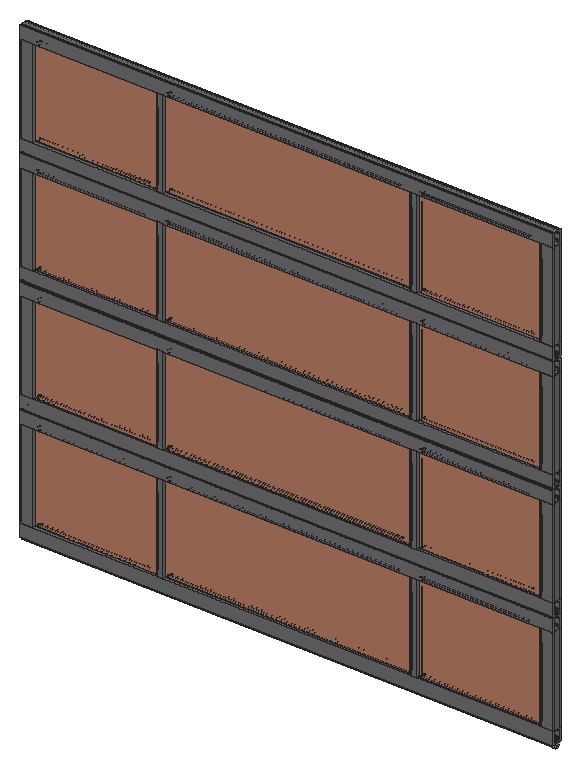
Revit family "GASY 12PUE T1C", category Doors, host Wall, Revit 2024 (continued)
Forms (mm)
  Sweep 19, solid, material "ALUMINIUM CHAR (TEST)"
    profile origin (899.996, -68.525, 493) x (0, 0, -1) y (0, -1, 0)
      loop
        line (-1.4, 56.192) -> (-0.833, 56.892) -> (0, 56.892) -> (0, 54.893)
        arc (0, 54.893) -> (0.333, 54.559) -> (0.788, 54.681) r 0.471
        line (0.788, 54.681) -> (14.998, 68.891)
  Sweep 20, solid, material "ALUMINIUM CHAR (TEST)"
    path origin (-866.885, -68.525, 132.939) x (-1, 0, 0) y (0, 0, -1)
      loop
        line (323.108, -360.061) -> (323.108, 53.031) -> (-256.885, 53.031) -> (-256.885, -360.061) -> (323.108, -360.061)
    profile origin (-899.996, -68.525, 493) x (0, 0, 1) y (0, -1, 0)
      loop
        line (-14.998, 68.891) -> (-0.788, 54.681)
        arc (-0.788, 54.681) -> (-0.333, 54.559) -> (0, 54.893) r 0.471
        line (0, 54.893) -> (0, 56.892) -> (0.833, 56.892) -> (1.4, 56.192)
        arc (1.4, 56.192) -> (2.167, 56.551) -> (2.384, 57.368) r 1
        arc (2.384, 57.368) -> (2.295, 57.799) -> (1.9, 57.992) r 0.5
        line (1.9, 57.992) -> (-0.6, 57.992)
        arc (-0.6, 57.992) -> (-0.953, 57.846) -> (-1.1, 57.492) r 0.5
        line (-1.1, 57.492) -> (-1.1, 56.548) -> (-9.421, 64.869) -> (-6.899, 67.391) -> (-6.899, 68.791) -> (1.6, 68.791)
        arc (1.6, 68.791) -> (2.165, 69.025) -> (2.4, 69.591) r 0.8
        line (2.4, 69.591) -> (2.4, 72.391)
        arc (2.4, 72.391) -> (1.9, 72.891) -> (1.4, 72.391) r 0.5
        line (1.4, 72.391) -> (1.4, 69.891) -> (-8.299, 69.891)
        arc (-8.299, 69.891) -> (-8.699, 69.491) -> (-8.299, 69.091) r 0.4
        line (-8.299, 69.091) -> (-7.999, 67.847) -> (-10.199, 65.647) -> (-12.521, 67.969) -> (-11.399, 69.091)
        arc (-11.399, 69.091) -> (-10.902, 69.429) -> (-11.286, 69.891) r 0.406
        line (-11.286, 69.891) -> (-12.154, 69.891) -> (-12.991, 69.054) -> (-13.799, 69.054) -> (-13.799, 69.891) -> (-14.998, 69.891) -> (-14.998, 68.891)
  Sweep 21, solid, material "ALUMINIUM CHAR (TEST)"
    path origin (63.499, -68.525, 132.939) x (1, 0, 0) y (0, 0, 1)
      loop
        line (516.501, 360.061) -> (-643.499, 360.061) -> (-643.499, -52.939) -> (516.501, -52.939) -> (516.501, 360.061)
    profile origin (0, -68.525, 493) x (0, 0, -1) y (0, -1, 0)
      loop
        line (14.998, 68.891) -> (14.998, 69.891) -> (13.799, 69.891) -> (13.799, 69.054) -> (12.991, 69.054) -> (12.154, 69.891) -> (11.286, 69.891)
        arc (11.286, 69.891) -> (10.902, 69.429) -> (11.399, 69.091) r 0.406
        line (11.399, 69.091) -> (12.521, 67.969) -> (10.199, 65.647) -> (7.999, 67.847) -> (8.299, 69.091)
        arc (8.299, 69.091) -> (8.699, 69.491) -> (8.299, 69.891) r 0.4
        line (8.299, 69.891) -> (-1.4, 69.891) -> (-1.4, 72.391)
        arc (-1.4, 72.391) -> (-1.9, 72.891) -> (-2.4, 72.391) r 0.5
        line (-2.4, 72.391) -> (-2.4, 69.591)
        arc (-2.4, 69.591) -> (-2.165, 69.025) -> (-1.6, 68.791) r 0.8
        line (-1.6, 68.791) -> (6.899, 68.791) -> (6.899, 67.391) -> (9.421, 64.869) -> (1.1, 56.548) -> (1.1, 57.492)
        arc (1.1, 57.492) -> (0.953, 57.846) -> (0.6, 57.992) r 0.5
        line (0.6, 57.992) -> (-1.9, 57.992)
        arc (-1.9, 57.992) -> (-2.295, 57.799) -> (-2.384, 57.368) r 0.5
        arc (-2.384, 57.368) -> (-2.167, 56.551) -> (-1.4, 56.192) r 1
        line (-1.4, 56.192) -> (-0.833, 56.892) -> (0, 56.892) -> (0, 54.893)
        arc (0, 54.893) -> (0.333, 54.559) -> (0.788, 54.681) r 0.471
        line (0.788, 54.681) -> (14.998, 68.891)
  Extrusion 22, solid, material "MARINE PLY (TEST 2)"
    sketch origin (-335.5, -147.287, -431.553) x (0, 1, 0) y (0, 0, -1)
      loop
        line (8.871, -2002.546) -> (8.871, -1935.046) -> (4.871, -1935.046) -> (4.871, -1927.046) -> (8.871, -1927.046) -> (8.871, -1881.046) -> (4.871, -1881.046) -> (4.871, -1873.046) -> (8.871, -1873.046) -> (8.871, -1827.046) -> (4.871, -1827.046) -> (4.871, -1819.046) -> (8.871, -1819.046) -> (8.871, -1773.046) -> (4.871, -1773.046) -> (4.871, -1765.046) -> (8.871, -1765.046) -> (8.871, -1719.046) -> (4.871, -1719.046) -> (4.871, -1711.046) -> (8.871, -1711.046) -> (8.871, -1665.046) -> (4.871, -1665.046) -> (4.871, -1657.046) -> (8.871, -1657.046) -> (8.871, -1589.546) -> (-0.129, -1589.546) -> (-0.129, -2002.546) -> (8.871, -2002.546)
    from -915.5 to 244.5
  Extrusion 23, solid, material "MARINE PLY (TEST 2)"
    sketch origin (-335.5, -147.287, -970.553) x (0, 1, 0) y (0, 0, -1)
      loop
        line (8.871, -2002.546) -> (8.871, -1935.046) -> (4.871, -1935.046) -> (4.871, -1927.046) -> (8.871, -1927.046) -> (8.871, -1881.046) -> (4.871, -1881.046) -> (4.871, -1873.046) -> (8.871, -1873.046) -> (8.871, -1827.046) -> (4.871, -1827.046) -> (4.871, -1819.046) -> (8.871, -1819.046) -> (8.871, -1773.046) -> (4.871, -1773.046) -> (4.871, -1765.046) -> (8.871, -1765.046) -> (8.871, -1719.046) -> (4.871, -1719.046) -> (4.871, -1711.046) -> (8.871, -1711.046) -> (8.871, -1665.046) -> (4.871, -1665.046) -> (4.871, -1657.046) -> (8.871, -1657.046) -> (8.871, -1589.546) -> (-0.129, -1589.546) -> (-0.129, -2002.546) -> (8.871, -2002.546)
    from -915.5 to 244.5
  Extrusion 24, solid, material "MARINE PLY (TEST 2)"
    sketch origin (-335.5, -147.287, -1509.553) x (0, 1, 0) y (0, 0, -1)
      loop
        line (8.871, -2002.546) -> (8.871, -1935.046) -> (4.871, -1935.046) -> (4.871, -1927.046) -> (8.871, -1927.046) -> (8.871, -1881.046) -> (4.871, -1881.046) -> (4.871, -1873.046) -> (8.871, -1873.046) -> (8.871, -1827.046) -> (4.871, -1827.046) -> (4.871, -1819.046) -> (8.871, -1819.046) -> (8.871, -1773.046) -> (4.871, -1773.046) -> (4.871, -1765.046) -> (8.871, -1765.046) -> (8.871, -1719.046) -> (4.871, -1719.046) -> (4.871, -1711.046) -> (8.871, -1711.046) -> (8.871, -1665.046) -> (4.871, -1665.046) -> (4.871, -1657.046) -> (8.871, -1657.046) -> (8.871, -1589.546) -> (-0.129, -1589.546) -> (-0.129, -2002.546) -> (8.871, -2002.546)
    from -915.5 to 244.5
  Extrusion 25, solid, material "MARINE PLY (TEST 2)"
    sketch origin (274.493, -147.287, 107.454) x (0, 1, 0) y (0, 0, -1)
      loop
        line (8.871, -2002.546) -> (8.871, -1935.046) -> (4.871, -1935.046) -> (4.871, -1927.046) -> (8.871, -1927.046) -> (8.871, -1881.046) -> (4.871, -1881.046) -> (4.871, -1873.046) -> (8.871, -1873.046) -> (8.871, -1827.046) -> (4.871, -1827.046) -> (4.871, -1819.046) -> (8.871, -1819.046) -> (8.871, -1773.046) -> (4.871, -1773.046) -> (4.871, -1765.046) -> (8.871, -1765.046) -> (8.871, -1719.046) -> (4.871, -1719.046) -> (4.871, -1711.046) -> (8.871, -1711.046) -> (8.871, -1665.046) -> (4.871, -1665.046) -> (4.871, -1657.046) -> (8.871, -1657.046) -> (8.871, -1589.546) -> (-0.129, -1589.546) -> (-0.129, -2002.546) -> (8.871, -2002.546)
    from -915.5 to -335.507
  Extrusion 26, solid, material "MARINE PLY (TEST 2)"
    sketch origin (-274.493, -147.287, 107.454) x (0, 1, 0) y (0, 0, 1)
      loop
        line (8.871, 2002.546) -> (-0.129, 2002.546) -> (-0.129, 1589.546) -> (8.871, 1589.546) -> (8.871, 1657.046) -> (4.871, 1657.046) -> (4.871, 1665.046) -> (8.871, 1665.046) -> (8.871, 1711.046) -> (4.871, 1711.046) -> (4.871, 1719.046) -> (8.871, 1719.046) -> (8.871, 1765.046) -> (4.871, 1765.046) -> (4.871, 1773.046) -> (8.871, 1773.046) -> (8.871, 1819.046) -> (4.871, 1819.046) -> (4.871, 1827.046) -> (8.871, 1827.046) -> (8.871, 1873.046) -> (4.871, 1873.046) -> (4.871, 1881.046) -> (8.871, 1881.046) -> (8.871, 1927.046) -> (4.871, 1927.046) -> (4.871, 1935.046) -> (8.871, 1935.046) -> (8.871, 2002.546)
    from -915.5 to -335.507
  Extrusion 27, solid, material "MARINE PLY (TEST 2)"
    sketch origin (274.493, -147.287, -431.546) x (0, 1, 0) y (0, 0, -1)
      loop
        line (8.871, -2002.546) -> (8.871, -1935.046) -> (4.871, -1935.046) -> (4.871, -1927.046) -> (8.871, -1927.046) -> (8.871, -1881.046) -> (4.871, -1881.046) -> (4.871, -1873.046) -> (8.871, -1873.046) -> (8.871, -1827.046) -> (4.871, -1827.046) -> (4.871, -1819.046) -> (8.871, -1819.046) -> (8.871, -1773.046) -> (4.871, -1773.046) -> (4.871, -1765.046) -> (8.871, -1765.046) -> (8.871, -1719.046) -> (4.871, -1719.046) -> (4.871, -1711.046) -> (8.871, -1711.046) -> (8.871, -1665.046) -> (4.871, -1665.046) -> (4.871, -1657.046) -> (8.871, -1657.046) -> (8.871, -1589.546) -> (-0.129, -1589.546) -> (-0.129, -2002.546) -> (8.871, -2002.546)
    from -915.5 to -335.507
  Extrusion 28, solid, material "MARINE PLY (TEST 2)"
    sketch origin (-274.493, -147.287, -431.546) x (0, 1, 0) y (0, 0, 1)
      loop
        line (8.871, 2002.546) -> (-0.129, 2002.546) -> (-0.129, 1589.546) -> (8.871, 1589.546) -> (8.871, 1657.046) -> (4.871, 1657.046) -> (4.871, 1665.046) -> (8.871, 1665.046) -> (8.871, 1711.046) -> (4.871, 1711.046) -> (4.871, 1719.046) -> (8.871, 1719.046) -> (8.871, 1765.046) -> (4.871, 1765.046) -> (4.871, 1773.046) -> (8.871, 1773.046) -> (8.871, 1819.046) -> (4.871, 1819.046) -> (4.871, 1827.046) -> (8.871, 1827.046) -> (8.871, 1873.046) -> (4.871, 1873.046) -> (4.871, 1881.046) -> (8.871, 1881.046) -> (8.871, 1927.046) -> (4.871, 1927.046) -> (4.871, 1935.046) -> (8.871, 1935.046) -> (8.871, 2002.546)
    from -915.5 to -335.507
  Extrusion 29, solid, material "MARINE PLY (TEST 2)"
    sketch origin (274.493, -147.287, -970.546) x (0, 1, 0) y (0, 0, -1)
      loop
        line (8.871, -2002.546) -> (8.871, -1935.046) -> (4.871, -1935.046) -> (4.871, -1927.046) -> (8.871, -1927.046) -> (8.871, -1881.046) -> (4.871, -1881.046) -> (4.871, -1873.046) -> (8.871, -1873.046) -> (8.871, -1827.046) -> (4.871, -1827.046) -> (4.871, -1819.046) -> (8.871, -1819.046) -> (8.871, -1773.046) -> (4.871, -1773.046) -> (4.871, -1765.046) -> (8.871, -1765.046) -> (8.871, -1719.046) -> (4.871, -1719.046) -> (4.871, -1711.046) -> (8.871, -1711.046) -> (8.871, -1665.046) -> (4.871, -1665.046) -> (4.871, -1657.046) -> (8.871, -1657.046) -> (8.871, -1589.546) -> (-0.129, -1589.546) -> (-0.129, -2002.546) -> (8.871, -2002.546)
    from -915.5 to -335.507
  Extrusion 30, solid, material "MARINE PLY (TEST 2)"
    sketch origin (-274.493, -147.287, -970.546) x (0, 1, 0) y (0, 0, 1)
      loop
        line (8.871, 2002.546) -> (-0.129, 2002.546) -> (-0.129, 1589.546) -> (8.871, 1589.546) -> (8.871, 1657.046) -> (4.871, 1657.046) -> (4.871, 1665.046) -> (8.871, 1665.046) -> (8.871, 1711.046) -> (4.871, 1711.046) -> (4.871, 1719.046) -> (8.871, 1719.046) -> (8.871, 1765.046) -> (4.871, 1765.046) -> (4.871, 1773.046) -> (8.871, 1773.046) -> (8.871, 1819.046) -> (4.871, 1819.046) -> (4.871, 1827.046) -> (8.871, 1827.046) -> (8.871, 1873.046) -> (4.871, 1873.046) -> (4.871, 1881.046) -> (8.871, 1881.046) -> (8.871, 1927.046) -> (4.871, 1927.046) -> (4.871, 1935.046) -> (8.871, 1935.046) -> (8.871, 2002.546)
    from -915.5 to -335.507
  Extrusion 31, solid, material "MARINE PLY (TEST 2)"
    sketch origin (274.493, -147.287, -1509.546) x (0, 1, 0) y (0, 0, -1)
      loop
        line (8.871, -2002.546) -> (8.871, -1935.046) -> (4.871, -1935.046) -> (4.871, -1927.046) -> (8.871, -1927.046) -> (8.871, -1881.046) -> (4.871, -1881.046) -> (4.871, -1873.046) -> (8.871, -1873.046) -> (8.871, -1827.046) -> (4.871, -1827.046) -> (4.871, -1819.046) -> (8.871, -1819.046) -> (8.871, -1773.046) -> (4.871, -1773.046) -> (4.871, -1765.046) -> (8.871, -1765.046) -> (8.871, -1719.046) -> (4.871, -1719.046) -> (4.871, -1711.046) -> (8.871, -1711.046) -> (8.871, -1665.046) -> (4.871, -1665.046) -> (4.871, -1657.046) -> (8.871, -1657.046) -> (8.871, -1589.546) -> (-0.129, -1589.546) -> (-0.129, -2002.546) -> (8.871, -2002.546)
    from -915.5 to -335.507
  Extrusion 32, solid, material "MARINE PLY (TEST 2)"
    sketch origin (-274.493, -147.287, -1509.546) x (0, 1, 0) y (0, 0, 1)
      loop
        line (8.871, 2002.546) -> (-0.129, 2002.546) -> (-0.129, 1589.546) -> (8.871, 1589.546) -> (8.871, 1657.046) -> (4.871, 1657.046) -> (4.871, 1665.046) -> (8.871, 1665.046) -> (8.871, 1711.046) -> (4.871, 1711.046) -> (4.871, 1719.046) -> (8.871, 1719.046) -> (8.871, 1765.046) -> (4.871, 1765.046) -> (4.871, 1773.046) -> (8.871, 1773.046) -> (8.871, 1819.046) -> (4.871, 1819.046) -> (4.871, 1827.046) -> (8.871, 1827.046) -> (8.871, 1873.046) -> (4.871, 1873.046) -> (4.871, 1881.046) -> (8.871, 1881.046) -> (8.871, 1927.046) -> (4.871, 1927.046) -> (4.871, 1935.046) -> (8.871, 1935.046) -> (8.871, 2002.546)
    from -915.5 to -335.507
Lines and regions (mm)
  Opening 1
    outline origin (-5000, 75, 0) x (-1, 0, 0) y (0, 0, 1)
      loop
        line (-3780, 0) -> (-3780, 2135) -> (-6220, 2135) -> (-6220, 0) -> (-3780, 0)
  symbolic lines, style "Elevation Swing"
    curve 1: line (-1250, -105, 1694) -> (-1250, -2275, 1694)
    curve 2: line (-1250, -2275, 1694) -> (1250, -2275, 1694)
    curve 3: line (1250, -2275, 1694) -> (1250, -105, 1694)
Text (mm)
  text "Exterior" at (-2295.016, 1099.543, 0), in view "Ref. Level"
  text "Exterior" at (0, 1615.38, 3698.081), in view "Left"
  text "Exterior" at (0, 1036.032, 3874.932), in view "Right"
Dimensions and locks
  equal spacing: plane 3 "Left", plane 2 "Center (Left/Right)", plane 4 "Right"
  "Width": plane 3 "Left" to plane 4 "Right"
  "Height": plane 5 to host wall
  locked: plane 6 "Exterior" to host wall
  locked: plane 7 "Interior" to host wall
  "Wall Opening": plane 3 "Left" to plane 4 "Right"
  plane 10 "Garage Right" to plane 9 "Garage Left" = 2500 mm
  level to plane 11 "Garage Top" = 2170 mm
  plane 11 "Garage Top" to level = 2170 mm
  aligned and locked: host wall to plane 1
  aligned and locked: Opening 1 sketch curve to level
Automatic sketch dimensions
  curve 1 to plane 10 "Garage Right" = 0 mm
  curve 3 to plane 9 "Garage Left" = 0 mm
  curve 1 to plane 12 = 2160 mm
  plane 12 to curve 3 = 10 mm
  plane 12 to curve 1 = 10 mm
  plane 4 "Right" to Opening 1 sketch curve = 0 mm
  plane 3 "Left" to Opening 1 sketch curve = 0 mm
  Opening 1 sketch curve to plane 5 = 0 mm
  plane 11 "Garage Top" to Extrusion 1 sketch curve = 0 mm  (x3)
  Extrusion 1 sketch curve to plane 12 = 0.1 mm  (x2)
  Extrusion 1 sketch curve to plane 12 = 1.85 mm  (x6)
  Extrusion 1 sketch curve to Extrusion 1 sketch curve = 0.05 mm  (x2)
  Extrusion 1 sketch curve to Extrusion 1 sketch curve = 0.55 mm  (x10)
  Extrusion 1 sketch curve to Extrusion 1 sketch curve = 2.1 mm  (x4)
  Extrusion 1 sketch curve to Extrusion 1 sketch curve = 4.95 mm  (x2)
  plane 11 "Garage Top" to Extrusion 1 sketch curve = 1.8 mm  (x4)
  Extrusion 1 sketch curve to Extrusion 1 sketch curve = 4 mm  (x4)
  Extrusion 1 sketch curve to Extrusion 1 sketch curve = 1.8 mm  (x15)
  Extrusion 1 sketch curve to Extrusion 1 sketch curve = 2 mm  (x9)
  Extrusion 1 sketch curve to Extrusion 1 sketch curve = 1.5 mm  (x2)
  Extrusion 1 sketch curve to Extrusion 1 sketch curve = 14 mm  (x2)
  Extrusion 1 sketch curve to Extrusion 1 sketch curve = 2.75 mm  (x2)
  Extrusion 1 sketch curve to Extrusion 1 sketch curve = 20.6 mm  (x2)
  Extrusion 1 sketch curve to Extrusion 1 sketch curve = 1.6 mm  (x6)
  plane 11 "Garage Top" to Extrusion 1 sketch curve = 13.5 mm
  plane 5 to Extrusion 1 sketch curve = 11.7 mm
  Extrusion 1 sketch curve to Extrusion 1 sketch curve = 13.15 mm  (x2)
  plane 11 "Garage Top" to Extrusion 1 sketch curve = 12.547 mm
  plane 11 "Garage Top" to Extrusion 1 sketch curve = 17.453 mm
  Extrusion 1 sketch curve to Extrusion 1 sketch curve = 1.75 mm  (x2)
  Extrusion 1 sketch curve to Extrusion 1 sketch curve = 0 mm  (x4)
  Extrusion 1 sketch curve to Extrusion 1 sketch curve = 7.147 mm  (x3)
  Extrusion 1 sketch curve to Extrusion 1 sketch curve = 0.953 mm  (x15)
  Extrusion 1 sketch curve to Extrusion 1 sketch curve = 3 mm  (x6)
  Extrusion 1 sketch curve to Extrusion 1 sketch curve = 3.953 mm
  plane 5 to Extrusion 1 sketch curve = 7.747 mm
  Extrusion 1 sketch curve to Extrusion 1 sketch curve = 7.947 mm  (x2)
  Extrusion 1 sketch curve to Extrusion 1 sketch curve = 0.8 mm
  Extrusion 1 sketch curve to Extrusion 1 sketch curve = 2.6 mm
  Extrusion 1 sketch curve to Extrusion 1 sketch curve = 1.205 mm
  Extrusion 1 sketch curve to Extrusion 1 sketch curve = 1.293 mm  (x2)
  Extrusion 1 sketch curve to Extrusion 1 sketch curve = 0.241 mm  (x2)
  Extrusion 1 sketch curve to Extrusion 1 sketch curve = 0.402 mm  (x2)
  Extrusion 1 sketch curve to Extrusion 1 sketch curve = 0.993 mm  (x2)
  level to Extrusion 1 sketch curve = 79.909 mm
  Extrusion 1 sketch curve to Extrusion 1 sketch curve = 1.066 mm
  Extrusion 1 sketch curve to Extrusion 1 sketch curve = 0.405 mm
  Extrusion 1 sketch curve to Extrusion 1 sketch curve = 10.547 mm
  Extrusion 1 sketch curve to Extrusion 1 sketch curve = 25.295 mm  (x2)
  Extrusion 2 sketch curve to plane 12 = 0.1 mm  (x6)
  Extrusion 2 sketch curve to plane 12 = 1.85 mm  (x18)
  Extrusion 2 sketch curve to Extrusion 2 sketch curve = 0.05 mm  (x7)
  Extrusion 2 sketch curve to plane 12 = 1.9 mm  (x3)
  Extrusion 2 sketch curve to Extrusion 2 sketch curve = 0.55 mm  (x26)
  Extrusion 2 sketch curve to Extrusion 2 sketch curve = 2.1 mm  (x12)
  Extrusion 2 sketch curve to Extrusion 2 sketch curve = 4.95 mm  (x6)
  Extrusion 2 sketch curve to Extrusion 2 sketch curve = 4 mm  (x12)
  Extrusion 2 sketch curve to Extrusion 2 sketch curve = 1.8 mm  (x58)
  Extrusion 2 sketch curve to Extrusion 2 sketch curve = 2 mm  (x29)
  Extrusion 2 sketch curve to Extrusion 2 sketch curve = 1.5 mm  (x6)
  Extrusion 2 sketch curve to Extrusion 2 sketch curve = 14 mm  (x6)
  Extrusion 2 sketch curve to Extrusion 2 sketch curve = 2.75 mm  (x6)
  Extrusion 2 sketch curve to Extrusion 2 sketch curve = 20.6 mm  (x3)
  Extrusion 2 sketch curve to Extrusion 2 sketch curve = 0 mm  (x19)
  Extrusion 2 sketch curve to Extrusion 2 sketch curve = 13.15 mm  (x6)
  Extrusion 2 sketch curve to Extrusion 2 sketch curve = 9.4 mm  (x3)
  Extrusion 2 sketch curve to Extrusion 2 sketch curve = 1.6 mm  (x15)
  Extrusion 2 sketch curve to Extrusion 2 sketch curve = 1.75 mm
  plane 5 to Extrusion 2 sketch curve = 438 mm
  Extrusion 2 sketch curve to Extrusion 2 sketch curve = 0.993 mm  (x6)
  Extrusion 2 sketch curve to Extrusion 2 sketch curve = 1.066 mm  (x4)
  Extrusion 2 sketch curve to Extrusion 2 sketch curve = 0.241 mm  (x6)
  Extrusion 2 sketch curve to Extrusion 2 sketch curve = 0.402 mm  (x6)
  Extrusion 2 sketch curve to Extrusion 2 sketch curve = 0.493 mm  (x3)
  Extrusion 2 sketch curve to Extrusion 2 sketch curve = 1.205 mm  (x4)
  Extrusion 2 sketch curve to Extrusion 2 sketch curve = 7.947 mm  (x6)
  Extrusion 2 sketch curve to Extrusion 2 sketch curve = 10.547 mm  (x6)
  Extrusion 2 sketch curve to Extrusion 2 sketch curve = 0.953 mm  (x48)
  Extrusion 2 sketch curve to Extrusion 2 sketch curve = 3 mm  (x24)
  Extrusion 2 sketch curve to Extrusion 2 sketch curve = 25.295 mm  (x12)
  Extrusion 2 sketch curve to Extrusion 2 sketch curve = 7.147 mm  (x12)
  Extrusion 2 sketch curve to Extrusion 2 sketch curve = 6 mm  (x6)
  Extrusion 2 sketch curve to Extrusion 2 sketch curve = 0.8 mm  (x3)
  Extrusion 2 sketch curve to Extrusion 2 sketch curve = 1.293 mm  (x5)
  Extrusion 2 sketch curve to Extrusion 2 sketch curve = 413 mm  (x2)
  Extrusion 3 sketch curve to level = 0 mm
  Extrusion 3 sketch curve to plane 12 = 32.1 mm
  Extrusion 3 sketch curve to Extrusion 3 sketch curve = 5 mm  (x2)
  Extrusion 3 sketch curve to Extrusion 3 sketch curve = 2 mm  (x2)
  level to Extrusion 3 sketch curve = 2.881 mm
  Extrusion 3 sketch curve to Extrusion 3 sketch curve = 3 mm  (x2)
  Extrusion 3 sketch curve to Extrusion 3 sketch curve = 6 mm
  Extrusion 3 sketch curve to Extrusion 3 sketch curve = 11.123 mm
  Extrusion 3 sketch curve to Extrusion 3 sketch curve = 0 mm  (x4)
  Extrusion 3 sketch curve to Extrusion 3 sketch curve = 0.629 mm
  Extrusion 3 sketch curve to Extrusion 3 sketch curve = 2.276 mm
  Extrusion 3 sketch curve to Extrusion 3 sketch curve = 2.905 mm
  Extrusion 3 sketch curve to Extrusion 3 sketch curve = 1.368 mm
  Extrusion 3 sketch curve to Extrusion 3 sketch curve = 4.624 mm
  Extrusion 4 sketch curve to plane 12 = 41.25 mm  (x3)
  Extrusion 4 sketch curve to Extrusion 4 sketch curve = 0 mm  (x27)
  Extrusion 4 sketch curve to Extrusion 4 sketch curve = 2.5 mm  (x24)
  Extrusion 4 sketch curve to Extrusion 4 sketch curve = 1 mm  (x24)
  Extrusion 4 sketch curve to plane 12 = 8.95 mm  (x6)
  level to Extrusion 4 sketch curve = 549.846 mm
  Extrusion 4 sketch curve to Extrusion 4 sketch curve = 2.027 mm  (x15)
  Extrusion 4 sketch curve to Extrusion 4 sketch curve = 6.253 mm  (x6)
  Extrusion 4 sketch curve to Extrusion 4 sketch curve = 526.693 mm
  plane 5 to Extrusion 4 sketch curve = 507.154 mm
  Extrusion 4 sketch curve to Extrusion 4 sketch curve = 2.489 mm  (x12)
  Extrusion 4 sketch curve to Extrusion 4 sketch curve = 1.503 mm  (x12)
  Extrusion 5 sketch curve to plane 10 "Garage Right" = 0 mm  (x3)
  Extrusion 5 sketch curve to plane 9 "Garage Left" = 0 mm  (x3)
  plane 10 "Garage Right" to Extrusion 5 sketch curve = 1.8 mm  (x4)
  Extrusion 5 sketch curve to Extrusion 5 sketch curve = 0 mm  (x5)
  Extrusion 5 sketch curve to Extrusion 5 sketch curve = 2 mm  (x6)
  Extrusion 5 sketch curve to Extrusion 5 sketch curve = 1.6 mm  (x4)
  Extrusion 5 sketch curve to plane 12 = 1.85 mm  (x8)
  Extrusion 5 sketch curve to Extrusion 5 sketch curve = 7.147 mm  (x2)
  Extrusion 5 sketch curve to plane 12 = 2.4 mm  (x2)
  Extrusion 5 sketch curve to Extrusion 5 sketch curve = 0.953 mm  (x16)
  Extrusion 5 sketch curve to Extrusion 5 sketch curve = 3 mm  (x8)
  Extrusion 5 sketch curve to plane 3 "Left" = 12.747 mm  (x2)
  Extrusion 5 sketch curve to Extrusion 5 sketch curve = 7.947 mm  (x2)
  Extrusion 5 sketch curve to Extrusion 5 sketch curve = 1.8 mm  (x30)
  Extrusion 5 sketch curve to Extrusion 5 sketch curve = 10.547 mm  (x2)
  Extrusion 5 sketch curve to Extrusion 5 sketch curve = 0.8 mm  (x2)
  Extrusion 5 sketch curve to plane 12 = 8.6 mm  (x6)
  Extrusion 5 sketch curve to Extrusion 5 sketch curve = 1.205 mm  (x4)
  Extrusion 5 sketch curve to Extrusion 5 sketch curve = 1.293 mm  (x5)
  Extrusion 5 sketch curve to Extrusion 5 sketch curve = 0.241 mm  (x6)
  Extrusion 5 sketch curve to Extrusion 5 sketch curve = 0.402 mm  (x6)
  Extrusion 5 sketch curve to Extrusion 5 sketch curve = 0.993 mm  (x5)
  Extrusion 5 sketch curve to plane 12 = 24.1 mm  (x2)
  Extrusion 5 sketch curve to Extrusion 5 sketch curve = 580 mm
  Extrusion 5 sketch curve to Extrusion 5 sketch curve = 1.066 mm  (x4)
  Extrusion 5 sketch curve to Extrusion 5 sketch curve = 21.2 mm  (x2)
  Extrusion 5 sketch curve to Extrusion 5 sketch curve = 2.6 mm  (x3)
  Extrusion 5 sketch curve to plane 12 = 10.1 mm  (x2)
  plane 2 "Center (Left/Right)" to Extrusion 5 sketch curve = 580 mm
  Extrusion 5 sketch curve to Extrusion 5 sketch curve = 0.493 mm
  Extrusion 5 sketch curve to plane 12 = 26.85 mm
  Extrusion 5 sketch curve to plane 12 = 0.1 mm  (x4)
  plane 4 "Right" to Extrusion 5 sketch curve = 30 mm
  Extrusion 5 sketch curve to plane 4 "Right" = 12.547 mm  (x2)
  plane 9 "Garage Left" to Extrusion 5 sketch curve = 5.4 mm  (x2)
  plane 9 "Garage Left" to Extrusion 5 sketch curve = 1.8 mm  (x4)
  Extrusion 5 sketch curve to Extrusion 5 sketch curve = 18.25 mm
  Extrusion 5 sketch curve to Extrusion 5 sketch curve = 20.05 mm
  Extrusion 5 sketch curve to Extrusion 5 sketch curve = 18.55 mm  (x2)
  Extrusion 5 sketch curve to Extrusion 5 sketch curve = 4.55 mm
  Extrusion 5 sketch curve to Extrusion 5 sketch curve = 30.55 mm  (x2)
  Extrusion 5 sketch curve to Extrusion 5 sketch curve = 4 mm  (x4)
  Extrusion 5 sketch curve to Extrusion 5 sketch curve = 13.15 mm  (x2)
  Extrusion 5 sketch curve to Extrusion 5 sketch curve = 9.4 mm  (x2)
  Extrusion 5 sketch curve to Extrusion 5 sketch curve = 2.1 mm  (x2)
  Extrusion 5 sketch curve to Extrusion 5 sketch curve = 0.55 mm  (x7)
  Extrusion 5 sketch curve to Extrusion 5 sketch curve = 0.05 mm
  Extrusion 5 sketch curve to Extrusion 5 sketch curve = 13.7 mm  (x2)
  Extrusion 5 sketch curve to Extrusion 5 sketch curve = 1.75 mm  (x4)
  Extrusion 5 sketch curve to Extrusion 5 sketch curve = 2.75 mm  (x4)
  Extrusion 5 sketch curve to Extrusion 5 sketch curve = 9.95 mm  (x2)
  Extrusion 5 sketch curve to Extrusion 5 sketch curve = 1.5 mm  (x4)
  Extrusion 5 sketch curve to plane 12 = 1.9 mm  (x2)
  Extrusion 6 sketch curve to plane 10 "Garage Right" = 0 mm  (x3)
  Extrusion 6 sketch curve to plane 9 "Garage Left" = 0 mm  (x3)
  plane 10 "Garage Right" to Extrusion 6 sketch curve = 1.8 mm  (x2)
  Extrusion 6 sketch curve to Extrusion 6 sketch curve = 1.8 mm  (x31)
  Extrusion 6 sketch curve to Extrusion 6 sketch curve = 0 mm  (x5)
  Extrusion 6 sketch curve to Extrusion 6 sketch curve = 2 mm  (x6)
  Extrusion 6 sketch curve to Extrusion 6 sketch curve = 1.6 mm  (x4)
  Extrusion 6 sketch curve to plane 12 = 1.85 mm  (x8)
  Extrusion 6 sketch curve to Extrusion 6 sketch curve = 7.147 mm  (x2)
  Extrusion 6 sketch curve to plane 12 = 2.4 mm  (x3)
  Extrusion 6 sketch curve to Extrusion 6 sketch curve = 0.953 mm  (x16)
  Extrusion 6 sketch curve to Extrusion 6 sketch curve = 3 mm  (x8)
  Extrusion 6 sketch curve to plane 3 "Left" = 12.747 mm  (x2)
  Extrusion 6 sketch curve to Extrusion 6 sketch curve = 7.947 mm  (x2)
  Extrusion 6 sketch curve to Extrusion 6 sketch curve = 10.547 mm  (x2)
  Extrusion 6 sketch curve to Extrusion 6 sketch curve = 0.8 mm  (x3)
  Extrusion 6 sketch curve to plane 12 = 8.6 mm  (x5)
  Extrusion 6 sketch curve to Extrusion 6 sketch curve = 1.205 mm  (x5)
  Extrusion 6 sketch curve to Extrusion 6 sketch curve = 1.293 mm  (x4)
  Extrusion 6 sketch curve to Extrusion 6 sketch curve = 0.241 mm  (x6)
  Extrusion 6 sketch curve to Extrusion 6 sketch curve = 0.402 mm  (x6)
  Extrusion 6 sketch curve to Extrusion 6 sketch curve = 0.993 mm  (x5)
  Extrusion 6 sketch curve to plane 12 = 24.1 mm  (x4)
  Extrusion 6 sketch curve to Extrusion 6 sketch curve = 580 mm
  Extrusion 6 sketch curve to plane 12 = 0.1 mm  (x4)
  Extrusion 6 sketch curve to Extrusion 6 sketch curve = 1.066 mm  (x3)
  Extrusion 6 sketch curve to plane 12 = 26.85 mm  (x2)
  Extrusion 6 sketch curve to plane 12 = 6.8 mm
  Extrusion 6 sketch curve to Extrusion 6 sketch curve = 21.2 mm  (x2)
  Extrusion 6 sketch curve to Extrusion 6 sketch curve = 2.6 mm  (x2)
  Extrusion 6 sketch curve to plane 12 = 10.1 mm  (x3)
  plane 2 "Center (Left/Right)" to Extrusion 6 sketch curve = 580 mm
  Extrusion 6 sketch curve to Extrusion 6 sketch curve = 0.405 mm
  Extrusion 6 sketch curve to Extrusion 6 sketch curve = 0.493 mm  (x2)
  plane 4 "Right" to Extrusion 6 sketch curve = 30 mm
  Extrusion 6 sketch curve to plane 4 "Right" = 12.547 mm  (x2)
  plane 9 "Garage Left" to Extrusion 6 sketch curve = 5.4 mm  (x2)
  plane 9 "Garage Left" to Extrusion 6 sketch curve = 1.8 mm  (x4)
  Extrusion 6 sketch curve to Extrusion 6 sketch curve = 16.75 mm
  Extrusion 6 sketch curve to Extrusion 6 sketch curve = 20.05 mm
  Extrusion 6 sketch curve to Extrusion 6 sketch curve = 4.55 mm  (x2)
  Extrusion 6 sketch curve to Extrusion 6 sketch curve = 30.55 mm  (x2)
  Extrusion 6 sketch curve to Extrusion 6 sketch curve = 4 mm  (x4)
  Extrusion 6 sketch curve to Extrusion 6 sketch curve = 13.15 mm  (x2)
  Extrusion 6 sketch curve to Extrusion 6 sketch curve = 9.4 mm  (x2)
  Extrusion 6 sketch curve to Extrusion 6 sketch curve = 2.1 mm  (x2)
  Extrusion 6 sketch curve to Extrusion 6 sketch curve = 0.55 mm  (x6)
  Extrusion 6 sketch curve to Extrusion 6 sketch curve = 0.05 mm
  Extrusion 6 sketch curve to Extrusion 6 sketch curve = 13.7 mm  (x2)
  Extrusion 6 sketch curve to Extrusion 6 sketch curve = 1.75 mm  (x4)
  Extrusion 6 sketch curve to Extrusion 6 sketch curve = 2.75 mm  (x2)
  Extrusion 6 sketch curve to Extrusion 6 sketch curve = 9.95 mm  (x2)
  Extrusion 6 sketch curve to Extrusion 6 sketch curve = 1.5 mm  (x3)
  Extrusion 6 sketch curve to plane 12 = 1.9 mm  (x2)
  Extrusion 7 sketch curve to plane 10 "Garage Right" = 0 mm  (x3)
  Extrusion 7 sketch curve to plane 9 "Garage Left" = 0 mm  (x3)
  Extrusion 7 sketch curve to Extrusion 7 sketch curve = 1.8 mm  (x31)
  Extrusion 7 sketch curve to Extrusion 7 sketch curve = 0 mm  (x5)
  plane 10 "Garage Right" to Extrusion 7 sketch curve = 1.8 mm  (x2)
  Extrusion 7 sketch curve to Extrusion 7 sketch curve = 2 mm  (x6)
  Extrusion 7 sketch curve to Extrusion 7 sketch curve = 1.6 mm  (x4)
  Extrusion 7 sketch curve to Extrusion 7 sketch curve = 7.147 mm  (x2)
  Extrusion 7 sketch curve to plane 12 = 1.85 mm  (x7)
  Extrusion 7 sketch curve to Extrusion 7 sketch curve = 0.953 mm  (x16)
  Extrusion 7 sketch curve to plane 12 = 2.4 mm  (x3)
  Extrusion 7 sketch curve to Extrusion 7 sketch curve = 3 mm  (x8)
  Extrusion 7 sketch curve to plane 3 "Left" = 12.747 mm  (x2)
  Extrusion 7 sketch curve to Extrusion 7 sketch curve = 7.947 mm  (x2)
  Extrusion 7 sketch curve to Extrusion 7 sketch curve = 0.8 mm  (x3)
  Extrusion 7 sketch curve to Extrusion 7 sketch curve = 1.205 mm  (x6)
  Extrusion 7 sketch curve to Extrusion 7 sketch curve = 1.293 mm  (x3)
  Extrusion 7 sketch curve to Extrusion 7 sketch curve = 0.241 mm  (x6)
  Extrusion 7 sketch curve to Extrusion 7 sketch curve = 0.402 mm  (x6)
  Extrusion 7 sketch curve to plane 12 = 0.1 mm  (x4)
  Extrusion 7 sketch curve to plane 12 = 24.1 mm  (x2)
  Extrusion 7 sketch curve to Extrusion 7 sketch curve = 580 mm
  Extrusion 7 sketch curve to Extrusion 7 sketch curve = 0.993 mm  (x3)
  Extrusion 7 sketch curve to Extrusion 7 sketch curve = 1.066 mm  (x5)
  Extrusion 7 sketch curve to Extrusion 7 sketch curve = 0.405 mm  (x2)
  Extrusion 7 sketch curve to Extrusion 7 sketch curve = 21.2 mm  (x2)
  Extrusion 7 sketch curve to Extrusion 7 sketch curve = 2.6 mm  (x3)
  Extrusion 7 sketch curve to plane 12 = 8.6 mm
  Extrusion 7 sketch curve to plane 12 = 10.1 mm  (x3)
  plane 2 "Center (Left/Right)" to Extrusion 7 sketch curve = 580 mm
  Extrusion 7 sketch curve to plane 12 = 6.8 mm
  Extrusion 7 sketch curve to plane 12 = 26.85 mm
  plane 4 "Right" to Extrusion 7 sketch curve = 30 mm  (x2)
  Extrusion 7 sketch curve to Extrusion 7 sketch curve = 0.493 mm
  Extrusion 7 sketch curve to Extrusion 7 sketch curve = 10.547 mm
  Extrusion 7 sketch curve to plane 4 "Right" = 12.547 mm  (x2)
  plane 9 "Garage Left" to Extrusion 7 sketch curve = 5.4 mm  (x2)
  plane 9 "Garage Left" to Extrusion 7 sketch curve = 1.8 mm  (x3)
  Extrusion 7 sketch curve to Extrusion 7 sketch curve = 24.45 mm
  Extrusion 7 sketch curve to Extrusion 7 sketch curve = 2.75 mm  (x5)
  Extrusion 7 sketch curve to Extrusion 7 sketch curve = 16.75 mm  (x2)
  Extrusion 7 sketch curve to Extrusion 7 sketch curve = 4.55 mm
  Extrusion 7 sketch curve to Extrusion 7 sketch curve = 30.55 mm  (x2)
  Extrusion 7 sketch curve to Extrusion 7 sketch curve = 4 mm  (x4)
  Extrusion 7 sketch curve to Extrusion 7 sketch curve = 13.15 mm  (x2)
  Extrusion 7 sketch curve to Extrusion 7 sketch curve = 9.4 mm  (x2)
  Extrusion 7 sketch curve to Extrusion 7 sketch curve = 2.1 mm  (x2)
  Extrusion 7 sketch curve to Extrusion 7 sketch curve = 0.55 mm  (x7)
  Extrusion 7 sketch curve to Extrusion 7 sketch curve = 0.05 mm
  Extrusion 7 sketch curve to Extrusion 7 sketch curve = 13.7 mm  (x2)
  Extrusion 7 sketch curve to Extrusion 7 sketch curve = 1.75 mm  (x4)
  Extrusion 7 sketch curve to Extrusion 7 sketch curve = 9.95 mm  (x2)
  Extrusion 7 sketch curve to Extrusion 7 sketch curve = 3.3 mm
  Extrusion 7 sketch curve to Extrusion 7 sketch curve = 10 mm  (x2)
  Extrusion 7 sketch curve to Extrusion 7 sketch curve = 1.5 mm  (x4)
  Extrusion 7 sketch curve to plane 12 = 1.9 mm  (x2)
  Extrusion 8 sketch curve to plane 10 "Garage Right" = 0 mm  (x3)
  Extrusion 8 sketch curve to plane 9 "Garage Left" = 0 mm  (x3)
  plane 10 "Garage Right" to Extrusion 8 sketch curve = 1.8 mm  (x4)
  Extrusion 8 sketch curve to Extrusion 8 sketch curve = 0 mm  (x5)
  Extrusion 8 sketch curve to Extrusion 8 sketch curve = 2 mm  (x6)
  Extrusion 8 sketch curve to Extrusion 8 sketch curve = 1.6 mm  (x4)
  Extrusion 8 sketch curve to plane 12 = 1.85 mm  (x8)
  Extrusion 8 sketch curve to Extrusion 8 sketch curve = 7.147 mm  (x2)
  Extrusion 8 sketch curve to plane 12 = 2.4 mm  (x3)
  Extrusion 8 sketch curve to Extrusion 8 sketch curve = 0.953 mm  (x16)
  Extrusion 8 sketch curve to Extrusion 8 sketch curve = 3 mm  (x8)
  Extrusion 8 sketch curve to plane 3 "Left" = 12.747 mm  (x2)
  Extrusion 8 sketch curve to Extrusion 8 sketch curve = 7.947 mm  (x2)
  Extrusion 8 sketch curve to Extrusion 8 sketch curve = 1.8 mm  (x29)
  Extrusion 8 sketch curve to Extrusion 8 sketch curve = 10.547 mm  (x2)
  Extrusion 8 sketch curve to Extrusion 8 sketch curve = 0.8 mm  (x3)
  Extrusion 8 sketch curve to plane 12 = 8.6 mm  (x5)
  Extrusion 8 sketch curve to Extrusion 8 sketch curve = 1.205 mm  (x5)
  Extrusion 8 sketch curve to Extrusion 8 sketch curve = 1.293 mm  (x4)
  Extrusion 8 sketch curve to Extrusion 8 sketch curve = 0.241 mm  (x6)
  Extrusion 8 sketch curve to Extrusion 8 sketch curve = 0.402 mm  (x6)
  Extrusion 8 sketch curve to Extrusion 8 sketch curve = 0.993 mm  (x5)
  Extrusion 8 sketch curve to plane 12 = 24.1 mm  (x4)
  Extrusion 8 sketch curve to Extrusion 8 sketch curve = 580 mm
  Extrusion 8 sketch curve to plane 12 = 0.1 mm  (x4)
  Extrusion 8 sketch curve to Extrusion 8 sketch curve = 1.066 mm  (x3)
  Extrusion 8 sketch curve to plane 12 = 26.85 mm  (x2)
  Extrusion 8 sketch curve to plane 12 = 6.8 mm
  Extrusion 8 sketch curve to Extrusion 8 sketch curve = 21.2 mm  (x2)
  Extrusion 8 sketch curve to Extrusion 8 sketch curve = 2.6 mm  (x2)
  Extrusion 8 sketch curve to plane 12 = 10.1 mm  (x3)
  plane 2 "Center (Left/Right)" to Extrusion 8 sketch curve = 580 mm
  Extrusion 8 sketch curve to Extrusion 8 sketch curve = 0.405 mm
  Extrusion 8 sketch curve to Extrusion 8 sketch curve = 0.493 mm  (x2)
  plane 4 "Right" to Extrusion 8 sketch curve = 30 mm
  Extrusion 8 sketch curve to plane 4 "Right" = 12.547 mm  (x2)
  plane 9 "Garage Left" to Extrusion 8 sketch curve = 5.4 mm  (x2)
  plane 9 "Garage Left" to Extrusion 8 sketch curve = 1.8 mm  (x4)
  Extrusion 8 sketch curve to Extrusion 8 sketch curve = 16.75 mm
  Extrusion 8 sketch curve to Extrusion 8 sketch curve = 20.05 mm
  Extrusion 8 sketch curve to Extrusion 8 sketch curve = 4.55 mm  (x2)
  Extrusion 8 sketch curve to Extrusion 8 sketch curve = 30.55 mm  (x2)
  Extrusion 8 sketch curve to Extrusion 8 sketch curve = 4 mm  (x4)
  Extrusion 8 sketch curve to Extrusion 8 sketch curve = 13.15 mm  (x2)
  Extrusion 8 sketch curve to Extrusion 8 sketch curve = 9.4 mm  (x2)
  Extrusion 8 sketch curve to Extrusion 8 sketch curve = 2.1 mm  (x2)
  Extrusion 8 sketch curve to Extrusion 8 sketch curve = 0.55 mm  (x6)
  Extrusion 8 sketch curve to Extrusion 8 sketch curve = 0.05 mm
  Extrusion 8 sketch curve to Extrusion 8 sketch curve = 13.7 mm  (x2)
  Extrusion 8 sketch curve to Extrusion 8 sketch curve = 1.75 mm  (x4)
  Extrusion 8 sketch curve to Extrusion 8 sketch curve = 2.75 mm  (x2)
  Extrusion 8 sketch curve to Extrusion 8 sketch curve = 9.95 mm  (x2)
  Extrusion 8 sketch curve to Extrusion 8 sketch curve = 1.5 mm  (x3)
  Extrusion 8 sketch curve to plane 12 = 1.9 mm  (x2)
  Extrusion 9 sketch curve to plane 12 = 32.416 mm
  Extrusion 9 sketch curve to plane 12 = 27.416 mm  (x6)
  Extrusion 9 sketch curve to Extrusion 9 sketch curve = 9 mm  (x2)
  Extrusion 9 sketch curve to Extrusion 9 sketch curve = 4 mm  (x5)
  plane 5 to Extrusion 9 sketch curve = 25 mm
  Extrusion 9 sketch curve to Extrusion 9 sketch curve = 67.5 mm  (x2)
  Extrusion 9 sketch curve to Extrusion 9 sketch curve = 8 mm  (x6)
  Extrusion 9 sketch curve to Extrusion 9 sketch curve = 46 mm  (x5)
  plane 5 to Sweep 10 sketch curve = 25 mm
  plane 2 "Center (Left/Right)" to Sweep 10 sketch curve = 610 mm
  plane 4 "Right" to Sweep 10 sketch curve = 30.007 mm
  Sweep 10 sketch curve to Sweep 10 sketch curve = 413.091 mm
  Sweep 10 sketch curve to profile plane = 0 mm
  profile plane to Sweep 10 sketch curve = 0.833 mm
  profile plane to Sweep 10 sketch curve = 1.4 mm
  Sweep 10 sketch curve to Sweep 10 sketch curve = 0.567 mm
  Sweep 10 sketch curve to Sweep 10 sketch curve = 0.2 mm
  Sweep 10 sketch curve to Sweep 10 sketch curve = 0.5 mm  (x3)
  Sweep 10 sketch curve to profile plane = 0.455 mm
  Sweep 10 sketch curve to profile plane = 0.6 mm
  Sweep 10 sketch curve to Sweep 10 sketch curve = 0.333 mm
  Sweep 10 sketch curve to profile plane = 6.899 mm
  Sweep 10 sketch curve to Sweep 10 sketch curve = 1.1 mm
  Sweep 10 sketch curve to Sweep 10 sketch curve = 1.4 mm  (x2)
  Sweep 10 sketch curve to Sweep 10 sketch curve = 1.422 mm
  Sweep 10 sketch curve to Sweep 10 sketch curve = 0.778 mm  (x2)
  Sweep 10 sketch curve to Sweep 10 sketch curve = 2.987 mm
  Sweep 10 sketch curve to Sweep 10 sketch curve = 0.018 mm
  Sweep 10 sketch curve to Sweep 10 sketch curve = 0.095 mm
  Sweep 10 sketch curve to Sweep 10 sketch curve = 0.868 mm
  Sweep 10 sketch curve to Sweep 10 sketch curve = 1.122 mm  (x2)
  Sweep 10 sketch curve to Sweep 10 sketch curve = 0.47 mm
  Sweep 10 sketch curve to Sweep 10 sketch curve = 0.807 mm
  Sweep 10 sketch curve to Sweep 10 sketch curve = 1.2 mm
  profile plane to Sweep 10 sketch curve = 54.681 mm
  Sweep 10 sketch curve to Sweep 10 sketch curve = 0.212 mm
  Sweep 10 sketch curve to Sweep 10 sketch curve = 1.3 mm
  Sweep 10 sketch curve to Sweep 10 sketch curve = 1.535 mm
  Sweep 10 sketch curve to Sweep 10 sketch curve = 0.7 mm
  Sweep 10 sketch curve to Sweep 10 sketch curve = 0.3 mm  (x2)
  Sweep 10 sketch curve to Sweep 10 sketch curve = 0.6 mm
  Sweep 10 sketch curve to Sweep 10 sketch curve = 7.377 mm
  Sweep 10 sketch curve to Sweep 10 sketch curve = 0.456 mm
  Sweep 10 sketch curve to Sweep 10 sketch curve = 0.922 mm
  Sweep 10 sketch curve to Sweep 10 sketch curve = 0.163 mm
  Sweep 10 sketch curve to Sweep 10 sketch curve = 1.244 mm
  Sweep 10 sketch curve to Sweep 10 sketch curve = 0.394 mm
  Sweep 10 sketch curve to Sweep 10 sketch curve = 0.4 mm
  Sweep 10 sketch curve to Sweep 10 sketch curve = 0.837 mm
  Sweep 10 sketch curve to Sweep 10 sketch curve = 2.5 mm
  plane 5 to Sweep 11 sketch curve = 25 mm
  Sweep 11 sketch curve to plane 2 "Center (Left/Right)" = 610 mm
  Sweep 11 sketch curve to plane 3 "Left" = 30.007 mm
  Sweep 11 sketch curve to Sweep 11 sketch curve = 413.091 mm
  profile plane to Sweep 11 sketch curve = 0 mm
  profile plane to Sweep 11 sketch curve = 0.455 mm
  profile plane to Sweep 11 sketch curve = 0.6 mm
  Sweep 11 sketch curve to Sweep 11 sketch curve = 0.333 mm
  Sweep 11 sketch curve to Sweep 11 sketch curve = 0.5 mm  (x3)
  profile plane to Sweep 11 sketch curve = 6.899 mm
  Sweep 11 sketch curve to Sweep 11 sketch curve = 1.1 mm
  Sweep 11 sketch curve to Sweep 11 sketch curve = 0.3 mm  (x3)
  Sweep 11 sketch curve to Sweep 11 sketch curve = 1.422 mm
  Sweep 11 sketch curve to Sweep 11 sketch curve = 0.778 mm  (x2)
  Sweep 11 sketch curve to Sweep 11 sketch curve = 2.987 mm
  Sweep 11 sketch curve to Sweep 11 sketch curve = 0.018 mm
  Sweep 11 sketch curve to Sweep 11 sketch curve = 0.095 mm
  Sweep 11 sketch curve to Sweep 11 sketch curve = 0.868 mm
  Sweep 11 sketch curve to Sweep 11 sketch curve = 1.122 mm  (x2)
  Sweep 11 sketch curve to Sweep 11 sketch curve = 0.47 mm
  Sweep 11 sketch curve to Sweep 11 sketch curve = 0.807 mm
  Sweep 11 sketch curve to Sweep 11 sketch curve = 1.2 mm
  Sweep 11 sketch curve to profile plane = 0.833 mm
  Sweep 11 sketch curve to profile plane = 1.4 mm
  Sweep 11 sketch curve to Sweep 11 sketch curve = 0.567 mm
  Sweep 11 sketch curve to Sweep 11 sketch curve = 0.2 mm
  profile plane to Sweep 11 sketch curve = 54.681 mm
  Sweep 11 sketch curve to Sweep 11 sketch curve = 0.212 mm
  Sweep 11 sketch curve to Sweep 11 sketch curve = 1.3 mm
  Sweep 11 sketch curve to Sweep 11 sketch curve = 1.535 mm
  Sweep 11 sketch curve to Sweep 11 sketch curve = 0.7 mm
  Sweep 11 sketch curve to Sweep 11 sketch curve = 0.6 mm
  Sweep 11 sketch curve to Sweep 11 sketch curve = 7.377 mm
  Sweep 11 sketch curve to Sweep 11 sketch curve = 0.456 mm
  Sweep 11 sketch curve to Sweep 11 sketch curve = 1.4 mm
  Sweep 11 sketch curve to Sweep 11 sketch curve = 0.922 mm
  Sweep 11 sketch curve to Sweep 11 sketch curve = 0.163 mm
  Sweep 11 sketch curve to Sweep 11 sketch curve = 1.244 mm
  Sweep 11 sketch curve to Sweep 11 sketch curve = 0.394 mm
  Sweep 11 sketch curve to Sweep 11 sketch curve = 0.4 mm
  Sweep 11 sketch curve to Sweep 11 sketch curve = 0.837 mm
  Sweep 11 sketch curve to Sweep 11 sketch curve = 2.5 mm
  plane 5 to Sweep 12 sketch curve = 25 mm
  Sweep 12 sketch curve to plane 2 "Center (Left/Right)" = 580 mm
  plane 2 "Center (Left/Right)" to Sweep 12 sketch curve = 580 mm
  Sweep 12 sketch curve to Sweep 12 sketch curve = 413 mm
  Sweep 12 sketch curve to profile plane = 0 mm
  profile plane to Sweep 12 sketch curve = 0.833 mm
  profile plane to Sweep 12 sketch curve = 1.4 mm
  Sweep 12 sketch curve to Sweep 12 sketch curve = 0.567 mm
  Sweep 12 sketch curve to Sweep 12 sketch curve = 0.2 mm
  Sweep 12 sketch curve to Sweep 12 sketch curve = 0.5 mm  (x3)
  Sweep 12 sketch curve to profile plane = 0.455 mm
  Sweep 12 sketch curve to profile plane = 0.6 mm
  Sweep 12 sketch curve to Sweep 12 sketch curve = 0.333 mm
  Sweep 12 sketch curve to profile plane = 6.899 mm
  Sweep 12 sketch curve to Sweep 12 sketch curve = 1.1 mm
  Sweep 12 sketch curve to Sweep 12 sketch curve = 1.4 mm  (x2)
  Sweep 12 sketch curve to Sweep 12 sketch curve = 1.422 mm
  Sweep 12 sketch curve to Sweep 12 sketch curve = 0.778 mm  (x2)
  Sweep 12 sketch curve to Sweep 12 sketch curve = 2.987 mm
  Sweep 12 sketch curve to Sweep 12 sketch curve = 0.018 mm
  Sweep 12 sketch curve to Sweep 12 sketch curve = 0.095 mm
  Sweep 12 sketch curve to Sweep 12 sketch curve = 0.868 mm
  Sweep 12 sketch curve to Sweep 12 sketch curve = 1.122 mm  (x2)
  Sweep 12 sketch curve to Sweep 12 sketch curve = 0.47 mm
  Sweep 12 sketch curve to Sweep 12 sketch curve = 0.807 mm
  Sweep 12 sketch curve to Sweep 12 sketch curve = 1.2 mm
  profile plane to Sweep 12 sketch curve = 54.681 mm
  Sweep 12 sketch curve to Sweep 12 sketch curve = 0.212 mm
  Sweep 12 sketch curve to Sweep 12 sketch curve = 1.3 mm
  Sweep 12 sketch curve to Sweep 12 sketch curve = 1.535 mm
  Sweep 12 sketch curve to Sweep 12 sketch curve = 0.7 mm
  Sweep 12 sketch curve to Sweep 12 sketch curve = 0.3 mm  (x2)
  Sweep 12 sketch curve to Sweep 12 sketch curve = 0.6 mm
  Sweep 12 sketch curve to Sweep 12 sketch curve = 7.377 mm
  Sweep 12 sketch curve to Sweep 12 sketch curve = 0.456 mm
  Sweep 12 sketch curve to Sweep 12 sketch curve = 0.922 mm
  Sweep 12 sketch curve to Sweep 12 sketch curve = 0.163 mm
  Sweep 12 sketch curve to Sweep 12 sketch curve = 1.244 mm
  Sweep 12 sketch curve to Sweep 12 sketch curve = 0.394 mm
  Sweep 12 sketch curve to Sweep 12 sketch curve = 0.4 mm
  Sweep 12 sketch curve to Sweep 12 sketch curve = 0.837 mm
  Sweep 12 sketch curve to Sweep 12 sketch curve = 2.5 mm
  plane 2 "Center (Left/Right)" to Sweep 13 sketch curve = 610 mm
  plane 4 "Right" to Sweep 13 sketch curve = 30.007 mm
  plane 5 to Sweep 13 sketch curve = 977.091 mm
  Sweep 13 sketch curve to Sweep 13 sketch curve = 413.091 mm
  Sweep 13 sketch curve to profile plane = 0 mm
  profile plane to Sweep 13 sketch curve = 0.833 mm
  profile plane to Sweep 13 sketch curve = 1.4 mm
  Sweep 13 sketch curve to Sweep 13 sketch curve = 0.567 mm
  Sweep 13 sketch curve to Sweep 13 sketch curve = 0.2 mm
  Sweep 13 sketch curve to Sweep 13 sketch curve = 0.5 mm  (x3)
  Sweep 13 sketch curve to profile plane = 0.455 mm
  Sweep 13 sketch curve to profile plane = 0.6 mm
  Sweep 13 sketch curve to Sweep 13 sketch curve = 0.333 mm
  Sweep 13 sketch curve to profile plane = 6.899 mm
  Sweep 13 sketch curve to Sweep 13 sketch curve = 1.1 mm
  Sweep 13 sketch curve to Sweep 13 sketch curve = 1.4 mm  (x2)
  Sweep 13 sketch curve to Sweep 13 sketch curve = 1.422 mm
  Sweep 13 sketch curve to Sweep 13 sketch curve = 0.778 mm  (x2)
  Sweep 13 sketch curve to Sweep 13 sketch curve = 2.987 mm
  Sweep 13 sketch curve to Sweep 13 sketch curve = 0.018 mm
  Sweep 13 sketch curve to Sweep 13 sketch curve = 0.095 mm
  Sweep 13 sketch curve to Sweep 13 sketch curve = 0.868 mm
  Sweep 13 sketch curve to Sweep 13 sketch curve = 1.122 mm  (x2)
  Sweep 13 sketch curve to Sweep 13 sketch curve = 0.47 mm
  Sweep 13 sketch curve to Sweep 13 sketch curve = 0.807 mm
  Sweep 13 sketch curve to Sweep 13 sketch curve = 1.2 mm
  profile plane to Sweep 13 sketch curve = 54.681 mm
  Sweep 13 sketch curve to Sweep 13 sketch curve = 0.212 mm
  Sweep 13 sketch curve to Sweep 13 sketch curve = 1.3 mm
  Sweep 13 sketch curve to Sweep 13 sketch curve = 1.535 mm
  Sweep 13 sketch curve to Sweep 13 sketch curve = 0.7 mm
  Sweep 13 sketch curve to Sweep 13 sketch curve = 0.3 mm  (x2)
  Sweep 13 sketch curve to Sweep 13 sketch curve = 0.6 mm
  Sweep 13 sketch curve to Sweep 13 sketch curve = 7.377 mm
  Sweep 13 sketch curve to Sweep 13 sketch curve = 0.456 mm
  Sweep 13 sketch curve to Sweep 13 sketch curve = 0.922 mm
  Sweep 13 sketch curve to Sweep 13 sketch curve = 0.163 mm
  Sweep 13 sketch curve to Sweep 13 sketch curve = 1.244 mm
  Sweep 13 sketch curve to Sweep 13 sketch curve = 0.394 mm
  Sweep 13 sketch curve to Sweep 13 sketch curve = 0.4 mm
  Sweep 13 sketch curve to Sweep 13 sketch curve = 0.837 mm
  Sweep 13 sketch curve to Sweep 13 sketch curve = 2.5 mm
  Sweep 14 sketch curve to plane 2 "Center (Left/Right)" = 610 mm
  Sweep 14 sketch curve to plane 3 "Left" = 30.007 mm
  plane 5 to Sweep 14 sketch curve = 564 mm
  Sweep 14 sketch curve to Sweep 14 sketch curve = 413.091 mm
  profile plane to Sweep 14 sketch curve = 0 mm
  profile plane to Sweep 14 sketch curve = 0.455 mm
  profile plane to Sweep 14 sketch curve = 0.6 mm
  Sweep 14 sketch curve to Sweep 14 sketch curve = 0.333 mm
  Sweep 14 sketch curve to Sweep 14 sketch curve = 0.5 mm  (x3)
  profile plane to Sweep 14 sketch curve = 6.899 mm
  Sweep 14 sketch curve to Sweep 14 sketch curve = 1.1 mm
  Sweep 14 sketch curve to Sweep 14 sketch curve = 0.3 mm  (x3)
  Sweep 14 sketch curve to Sweep 14 sketch curve = 1.422 mm
  Sweep 14 sketch curve to Sweep 14 sketch curve = 0.778 mm  (x2)
  Sweep 14 sketch curve to Sweep 14 sketch curve = 2.987 mm
  Sweep 14 sketch curve to Sweep 14 sketch curve = 0.018 mm
  Sweep 14 sketch curve to Sweep 14 sketch curve = 0.095 mm
  Sweep 14 sketch curve to Sweep 14 sketch curve = 0.868 mm
  Sweep 14 sketch curve to Sweep 14 sketch curve = 1.122 mm  (x2)
  Sweep 14 sketch curve to Sweep 14 sketch curve = 0.47 mm
  Sweep 14 sketch curve to Sweep 14 sketch curve = 0.807 mm
  Sweep 14 sketch curve to Sweep 14 sketch curve = 1.2 mm
  Sweep 14 sketch curve to profile plane = 0.833 mm
  Sweep 14 sketch curve to profile plane = 1.4 mm
  Sweep 14 sketch curve to Sweep 14 sketch curve = 0.567 mm
  Sweep 14 sketch curve to Sweep 14 sketch curve = 0.2 mm
  profile plane to Sweep 14 sketch curve = 54.681 mm
  Sweep 14 sketch curve to Sweep 14 sketch curve = 0.212 mm
  Sweep 14 sketch curve to Sweep 14 sketch curve = 1.3 mm
  Sweep 14 sketch curve to Sweep 14 sketch curve = 1.535 mm
  Sweep 14 sketch curve to Sweep 14 sketch curve = 0.7 mm
  Sweep 14 sketch curve to Sweep 14 sketch curve = 0.6 mm
  Sweep 14 sketch curve to Sweep 14 sketch curve = 7.377 mm
  Sweep 14 sketch curve to Sweep 14 sketch curve = 0.456 mm
  Sweep 14 sketch curve to Sweep 14 sketch curve = 1.4 mm
  Sweep 14 sketch curve to Sweep 14 sketch curve = 0.922 mm
  Sweep 14 sketch curve to Sweep 14 sketch curve = 0.163 mm
  Sweep 14 sketch curve to Sweep 14 sketch curve = 1.244 mm
  Sweep 14 sketch curve to Sweep 14 sketch curve = 0.394 mm
  Sweep 14 sketch curve to Sweep 14 sketch curve = 0.4 mm
  Sweep 14 sketch curve to Sweep 14 sketch curve = 0.837 mm
  Sweep 14 sketch curve to Sweep 14 sketch curve = 2.5 mm
  Sweep 15 sketch curve to plane 2 "Center (Left/Right)" = 580 mm
  plane 2 "Center (Left/Right)" to Sweep 15 sketch curve = 580 mm
  plane 5 to Sweep 15 sketch curve = 977 mm
  Sweep 15 sketch curve to Sweep 15 sketch curve = 413 mm
  Sweep 15 sketch curve to profile plane = 0 mm
  profile plane to Sweep 15 sketch curve = 0.833 mm
  profile plane to Sweep 15 sketch curve = 1.4 mm
  Sweep 15 sketch curve to Sweep 15 sketch curve = 0.567 mm
  Sweep 15 sketch curve to Sweep 15 sketch curve = 0.2 mm
  Sweep 15 sketch curve to Sweep 15 sketch curve = 0.5 mm  (x3)
  Sweep 15 sketch curve to profile plane = 0.455 mm
  Sweep 15 sketch curve to profile plane = 0.6 mm
  Sweep 15 sketch curve to Sweep 15 sketch curve = 0.333 mm
  Sweep 15 sketch curve to profile plane = 6.899 mm
  Sweep 15 sketch curve to Sweep 15 sketch curve = 1.1 mm
  Sweep 15 sketch curve to Sweep 15 sketch curve = 1.4 mm  (x2)
  Sweep 15 sketch curve to Sweep 15 sketch curve = 1.422 mm
  Sweep 15 sketch curve to Sweep 15 sketch curve = 0.778 mm  (x2)
  Sweep 15 sketch curve to Sweep 15 sketch curve = 2.987 mm
  Sweep 15 sketch curve to Sweep 15 sketch curve = 0.018 mm
  Sweep 15 sketch curve to Sweep 15 sketch curve = 0.095 mm
  Sweep 15 sketch curve to Sweep 15 sketch curve = 0.868 mm
  Sweep 15 sketch curve to Sweep 15 sketch curve = 1.122 mm  (x2)
  Sweep 15 sketch curve to Sweep 15 sketch curve = 0.47 mm
  Sweep 15 sketch curve to Sweep 15 sketch curve = 0.807 mm
  Sweep 15 sketch curve to Sweep 15 sketch curve = 1.2 mm
  profile plane to Sweep 15 sketch curve = 54.681 mm
  Sweep 15 sketch curve to Sweep 15 sketch curve = 0.212 mm
  Sweep 15 sketch curve to Sweep 15 sketch curve = 1.3 mm
  Sweep 15 sketch curve to Sweep 15 sketch curve = 1.535 mm
  Sweep 15 sketch curve to Sweep 15 sketch curve = 0.7 mm
  Sweep 15 sketch curve to Sweep 15 sketch curve = 0.3 mm  (x2)
  Sweep 15 sketch curve to Sweep 15 sketch curve = 0.6 mm
  Sweep 15 sketch curve to Sweep 15 sketch curve = 7.377 mm
  Sweep 15 sketch curve to Sweep 15 sketch curve = 0.456 mm
  Sweep 15 sketch curve to Sweep 15 sketch curve = 0.922 mm
  Sweep 15 sketch curve to Sweep 15 sketch curve = 0.163 mm
  Sweep 15 sketch curve to Sweep 15 sketch curve = 1.244 mm
  Sweep 15 sketch curve to Sweep 15 sketch curve = 0.394 mm
  Sweep 15 sketch curve to Sweep 15 sketch curve = 0.4 mm
  Sweep 15 sketch curve to Sweep 15 sketch curve = 0.837 mm
  Sweep 15 sketch curve to Sweep 15 sketch curve = 2.5 mm
  plane 2 "Center (Left/Right)" to Sweep 16 sketch curve = 610 mm
  plane 4 "Right" to Sweep 16 sketch curve = 30.007 mm
  level to Sweep 16 sketch curve = 618.909 mm
  Sweep 16 sketch curve to Sweep 16 sketch curve = 413.091 mm
  Sweep 16 sketch curve to profile plane = 0 mm
  Sweep 16 sketch curve to Sweep 16 sketch curve = 0.833 mm
  profile plane to Sweep 16 sketch curve = 1.4 mm
  Sweep 16 sketch curve to Sweep 16 sketch curve = 0.567 mm
  Sweep 16 sketch curve to Sweep 16 sketch curve = 0.2 mm
  Sweep 16 sketch curve to Sweep 16 sketch curve = 0.5 mm  (x3)
  Sweep 16 sketch curve to profile plane = 0.455 mm
  Sweep 16 sketch curve to profile plane = 0.6 mm
  Sweep 16 sketch curve to Sweep 16 sketch curve = 0.333 mm
  Sweep 16 sketch curve to profile plane = 6.899 mm
  Sweep 16 sketch curve to Sweep 16 sketch curve = 1.1 mm
  Sweep 16 sketch curve to Sweep 16 sketch curve = 1.4 mm  (x2)
  Sweep 16 sketch curve to Sweep 16 sketch curve = 1.422 mm
  Sweep 16 sketch curve to Sweep 16 sketch curve = 0.778 mm  (x2)
  Sweep 16 sketch curve to Sweep 16 sketch curve = 2.987 mm
  Sweep 16 sketch curve to Sweep 16 sketch curve = 0.018 mm
  Sweep 16 sketch curve to Sweep 16 sketch curve = 0.095 mm
  Sweep 16 sketch curve to Sweep 16 sketch curve = 0.868 mm
  Sweep 16 sketch curve to Sweep 16 sketch curve = 1.122 mm  (x2)
  Sweep 16 sketch curve to Sweep 16 sketch curve = 0.47 mm
  Sweep 16 sketch curve to Sweep 16 sketch curve = 0.807 mm
  Sweep 16 sketch curve to Sweep 16 sketch curve = 1.2 mm
  profile plane to Sweep 16 sketch curve = 54.681 mm
  Sweep 16 sketch curve to Sweep 16 sketch curve = 0.212 mm
  Sweep 16 sketch curve to Sweep 16 sketch curve = 1.3 mm
  Sweep 16 sketch curve to Sweep 16 sketch curve = 1.535 mm
  Sweep 16 sketch curve to Sweep 16 sketch curve = 0.7 mm
  Sweep 16 sketch curve to Sweep 16 sketch curve = 0.3 mm  (x2)
  Sweep 16 sketch curve to Sweep 16 sketch curve = 0.6 mm
  Sweep 16 sketch curve to Sweep 16 sketch curve = 7.377 mm
  Sweep 16 sketch curve to Sweep 16 sketch curve = 0.456 mm
